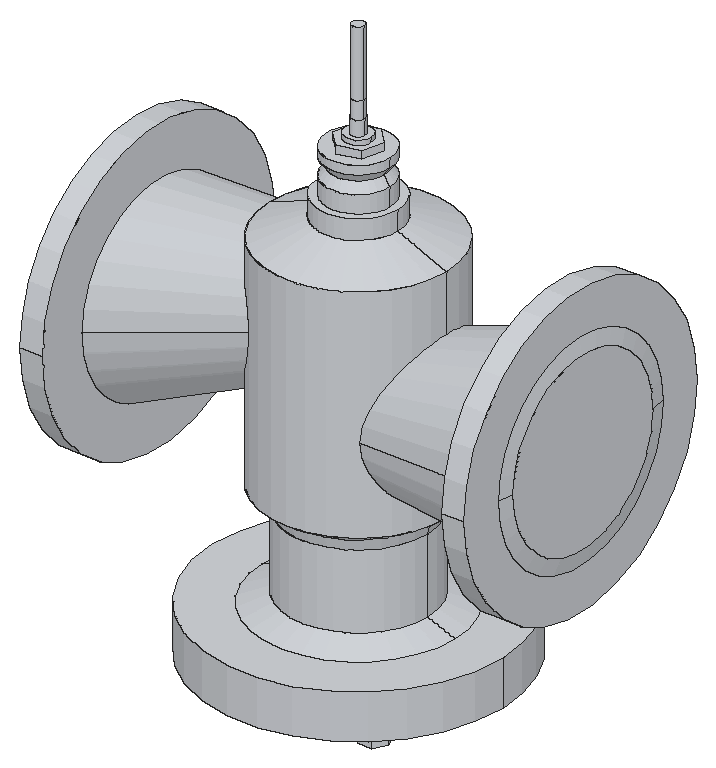
Revit family "2FGB-B_PN16_DN080_RFA_2019", category Pipe Accessories, Revit 2019
Family settings
  Round Connector Dimension = Use Diameter
  Part Type = Valve - Breaks Into
  Work Plane-Based = No
  Always vertical = Yes
  Cut with Voids When Loaded = No
  Shared = No
Parameters (values of type "2FGB-B PN16 DN080")
  magiProductId = ""
  magiProductFamilyId = ""
  magiPartTypeId = 306
  isMeasuringValve [instance] = no
  ang2D [instance] = 0.00°
  Z9 = 4.2 mm
  Z8 = 5.7 mm
  Z7 = 3 mm
  Z6 = 6 mm
  Z5 = 6 mm
  Z4 = 12 mm
  Z3 = 151.95 mm
  Z19 = 9.9 mm
  Z15 = 36.75 mm
  Z14__ve = -Z14  # -13.125 mm
  Z14 = 13.125 mm
  Z13 = 7.32 mm
  Z12 = 51.24 mm
  Z10 = 5.1 mm
  X4 = 30.6 mm
  X2__ve = -X2  # -15.3 mm
  X2 = 15.3 mm
  X1 = 2 mm
  W2D = 80 mm
  VersionID = ""
  Use Minimum Symbol Size [instance] = yes
  URL = "www.hydronix.cz"
  Type Comments = "Přírubový; EQM charakteristika; PN16; -10~+150°C; tlakově vyvážená kuželka"
  R9 = 4 mm
  R7 = 8.923 mm
  R6 = 14.872 mm
  R5 = 17.626 mm
  R4 = 22.032 mm
  R3 = 27.54 mm
  R2 = 49.875 mm
  R13 = 47.88 mm
  R12 = 4.685 mm
  R1 = 39.9 mm
  QmdConnectorList = "301;D;302;D"
  Productdata [instance] = "2FGB80B (DN80; PN16; kvs100; tlakově vyvážená kuželka)"
  Manufacturer = "Hydronix"
  Maintenance Zone Under Depth [instance] = 207 mm
  Maintenance Zone Right Depth [instance] = 175 mm
  Maintenance Zone Over Depth [instance] = 221 mm
  Maintenance Zone Left Depth [instance] = 175 mm
  Maintenance Zone Front Depth [instance] = 110 mm
  Maintenance Zone Back Depth [instance] = 110 mm
  Maintenance Zone Front Visibility [instance] = no
  LT2 = 155 mm
  L2D_Min = 3048 mm
  L2D = 310 mm
  HCDT2 = 66.5 mm
  H4 = 187 mm
  H3 = 105 mm
  H2 = 45 mm
  FDT2 = 100 mm
  Description = "2 cestný regulační ventil přírubový; DN80; PN16; kvs100; zdvih 45mm"
  D4 = 60.35 mm
  D3 = 71 mm
  D2 = 61.2 mm
  D = 80 mm
  CenSd_R6_6 = R6 * cos(30.00°)  # 12.879 mm
  CenSd_A_6 = A * cos(30.00°)  # 8.66 mm
  Clearance Zone Height Depth [instance] = 221 mm
  CZONC [instance] = 175 mm
  Clearance Zone Visibility [instance] = no
  B1 = 56.569 mm
  A = 10 mm
Types (5, lengths in mm): name | Z9 | Z8 | Z6 | Z5 | Z4 | Z3 | Z19 | Z15 | Z14__ve | Z14 | Z13 | Z12 | Z10 | X4 | X2__ve | X2 | W2D | R7 | R6 | R5 | R4 | R3 | R2 | R13 | R12 | R1 | Productdata | LT2 | L2D | HCDT2 | H4 | H3 | H2 | FDT2 | Description | D4 | D3 | D2 | D | CenSd_R6_6 | CenSd_A_6 | B1 | A
  2FGB-B PN16 DN100 | 4.165 | 5.602 | 5.95 | 5.95 | 11.9 | 168.575 | 9.767 | 40.775 | -14.562 | 14.562 | 8.12 | 56.84 | 5.082 | 34.6 | -17.3 | 17.3 | 100 | 10.089 | 16.816 | 19.93 | 24.912 | 31.14 | 57.375 | 55.08 | 5.297 | 45.9 | "2FGB100B (DN100; PN16; kvs130; tlakově vyvážená kuželka)" | 175 | 350 | 76.5 | 207 | 116.5 | 45 | 110 | "2 cestný regulační ventil přírubový; DN100; PN16; kvs130; zdvih 45mm" | 68.85 | 81 | 69.2 | 100 | 14.563 | 9.526 | 63.64 | 11
  2FGB-B PN16 DN080 | 4.2 | 5.7 | 6 | 6 | 12 | 151.95 | 9.9 | 36.75 | -13.125 | 13.125 | 7.32 | 51.24 | 5.1 | 30.6 | -15.3 | 15.3 | 80 | 8.923 | 14.872 | 17.626 | 22.032 | 27.54 | 49.875 | 47.88 | 4.685 | 39.9 | "2FGB80B (DN80; PN16; kvs100; tlakově vyvážená kuželka)" | 155 | 310 | 66.5 | 187 | 105 | 45 | 100 | "2 cestný regulační ventil přírubový; DN80; PN16; kvs100; zdvih 45mm" | 60.35 | 71 | 61.2 | 80 | 12.879 | 8.66 | 56.569 | 10
  2FGB-B PN16 DN065 | 4.2 | 5.7 | 6 | 6 | 12 | 139.45 | 9.9 | 33.25 | -11.875 | 11.875 | 6.82 | 47.74 | 5.1 | 28.6 | -14.3 | 14.3 | 65 | 8.34 | 13.9 | 16.474 | 20.592 | 25.74 | 44.25 | 42.48 | 4.378 | 35.4 | "2FGB65B (DN65; PN16; kvs63; tlakově vyvážená kuželka)" | 145 | 290 | 59 | 175 | 95 | 25 | 92.5 | "2 cestný regulační ventil přírubový; DN65; PN16; kvs63; zdvih 25mm" | 53.975 | 63.5 | 57.2 | 65 | 12.037 | 8.011 | 51.265 | 9.25
  2FGB-B PN16 DN150 | 4.2 | 5.7 | 6 | 6 | 12 | 227.45 | 9.9 | 54.95 | -19.625 | 19.625 | 10.97 | 76.79 | 5.1 | 47.6 | -23.8 | 23.8 | 150 | 13.88 | 23.134 | 27.418 | 34.272 | 42.84 | 77.625 | 74.52 | 7.287 | 62.1 | "2FGB150B (DN150; PN16; kvs300; tlakově vyvážená kuželka)" | 240 | 480 | 103.5 | 277 | 157 | 45 | 142.5 | "2 cestný regulační ventil přírubový; DN150; PN16; kvs300; zdvih 45mm" | 92.65 | 109 | 95.2 | 150 | 20.034 | 12.341 | 84.853 | 14.25
  2FGB-B PN16 DN125 | 4.2 | 5.7 | 6 | 6 | 12 | 196.45 | 9.9 | 48.65 | -17.375 | 17.375 | 9.22 | 64.54 | 5.1 | 39.6 | -19.8 | 19.8 | 125 | 11.547 | 19.246 | 22.81 | 28.512 | 35.64 | 68.625 | 65.88 | 6.062 | 54.9 | "2FGB125B (DN125; PN16; kvs200; tlakově vyvážená kuželka)" | 200 | 400 | 91.5 | 234 | 139 | 45 | 125 | "2 cestný regulační ventil přírubový; DN125; PN16; kvs200; zdvih 45mm" | 81.6 | 96 | 79.2 | 125 | 16.667 | 10.825 | 74.246 | 12.5
Reference planes
  plane 1 "Center (Front/Back)": y = 0
  plane 2 "XYPLANE": z = 0
  plane 3 "Center (Left/Right)": x = 0
  plane 4 "234": y = -56.569
  plane 5 "233": x = 56.569
  plane 6 "232": x = -56.569
  plane 7 "231": y = 56.569
  plane 8 "225": z = -177
  plane 9 "223": z = 221
  plane 10 "221": x = -175
  plane 11 "220": x = 175
  plane 12 "219": y = -110
  plane 13 "218": y = 110
  plane 14 "196": z = -207
  plane 15 "182": z = 165
  plane 16 "161": z = 153
  plane 17 "158": z = 147.3
  plane 18 "150": z = 143.1
  plane 19 "148": z = 140.1
  plane 20 "142": z = 135
  plane 21 "136": z = 129
  plane 22 "135": z = 123
  plane 23 "131": z = 117
  plane 24 "78": z = 78.75
  plane 25 "77": z = 91.875
  plane 26 "74": z = 105
  plane 27 "70": z = -73.2
  plane 28 "65": z = -80.52
  plane 29 "64": z = -87.84
  plane 30 "58": z = -139.08
  plane 31 "57": z = -146.4
  plane 32 "46": z = -187
  plane 33 "28": x = 137.7
  plane 34 "27": x = 153
  plane 35 "21": z = -20
  plane 36 "16": z = 36.75
  plane 37 "13": x = -137.7
  plane 38 "7": x = -153
  plane 39 "6": x = 155
  plane 40 "5": x = -155
  plane 41 "3": y = 0
  plane 42 "2": z = 0
  plane 43 "1": x = 0
Forms (mm)
  Extrusion 1, solid
    sketch origin (-750, 0, -187) x (1, 0, 0) y (0, 1, 0)
      loop
        line (816.569, -56.569) -> (811.569, -47.908) -> (801.569, -47.908) -> (796.569, -56.569) -> (801.569, -65.229) -> (811.569, -65.229) -> (816.569, -56.569)
    from 0 to 10
  Extrusion 2, solid
    sketch origin (-750, 0, -187) x (1, 0, 0) y (0, 1, 0)
      loop
        line (703.431, -56.569) -> (698.431, -47.908) -> (688.431, -47.908) -> (683.431, -56.569) -> (688.431, -65.229) -> (698.431, -65.229) -> (703.431, -56.569)
    from 0 to 10
  Extrusion 3, solid
    sketch origin (-750, 0, -187) x (1, 0, 0) y (0, 1, 0)
      loop
        line (816.569, 56.569) -> (811.569, 65.229) -> (801.569, 65.229) -> (796.569, 56.569) -> (801.569, 47.908) -> (811.569, 47.908) -> (816.569, 56.569)
    from 0 to 10
  Extrusion 4, solid
    sketch origin (-750, 0, -187) x (1, 0, 0) y (0, 1, 0)
      loop
        line (703.431, 56.569) -> (698.431, 65.229) -> (688.431, 65.229) -> (683.431, 56.569) -> (688.431, 47.908) -> (698.431, 47.908) -> (703.431, 56.569)
    from 0 to 10
  Blend 5, solid, visible <- "Maintenance Zone Front Visibility"
    base sketch origin (-750, 0, 221) x (1, 0, 0) y (0, 1, 0)
      loop
        line (575, 110) -> (575, -110) -> (925, -110) -> (925, 110) -> (575, 110)
    top sketch origin (-750, 0, 221) x (1, 0, 0) y (0, 1, 0)
      loop
        line (575, 110) -> (575, -110) -> (925, -110) -> (925, 110) -> (575, 110)
    from 0 to -428
  Extrusion 6, solid, visible <- "Clearance Zone Visibility"
    sketch origin (-750, 0, 0) x (1, 0, 0) y (0, 1, 0)
      loop
        circle (750, 0) r 175
    from 0 to 221 <- "Clearance Zone Height Depth"
  Extrusion 7, solid
    sketch origin (-750, 0, 143.1) x (1, 0, 0) y (0, 1, 0)
      loop
        circle (750, 0) r 4.685
    from 0 to 9.9 <- "Z19"
  Extrusion 8, solid
    sketch origin (-750, 0, 165) x (1, 0, 0) y (0, 1, 0)
      loop
        circle (750, 0) r 4
    from 0 to 45 <- "H2"
  Extrusion 9, solid
    sketch origin (-750, 0, 153) x (1, 0, 0) y (0, 1, 0)
      loop
        circle (750, 0) r 4
    from 0 to 12 <- "Z4"
  Extrusion 10, solid
    sketch origin (-750, 0, 140.1) x (1, 0, 0) y (0, 1, 0)
      loop
        circle (750, 0) r 8.923
    from 0 to 3 <- "Z7"
  Extrusion 11, solid
    sketch origin (-750, 0, 135) x (1, 0, 0) y (0, 1, 0)
      loop
        line (760.516, -10.516) -> (764.365, 3.849) -> (753.849, 14.365) -> (739.484, 10.516) -> (735.635, -3.849) -> (746.151, -14.365) -> (760.516, -10.516)
    from 0 to 5.1 <- "Z10"
  Extrusion 12, solid
    sketch origin (-750, 0, 129) x (1, 0, 0) y (0, 1, 0)
      loop
        circle (750, 0) r 22.032
    from 0 to 6 <- "Z6"
  Blend 13, solid
    base sketch origin (-750, 0, 123) x (1, 0, 0) y (0, 1, 0)
      loop
        circle (750, 0) r 17.626
    top sketch origin (-750, 0, 123) x (1, 0, 0) y (0, 1, 0)
      loop
        circle (750, 0) r 22.032
    from 0 to 6
  Blend 14, solid
    base sketch origin (-750, 0, 117) x (1, 0, 0) y (0, 1, 0)
      loop
        circle (750, 0) r 22.032
    top sketch origin (-750, 0, 117) x (1, 0, 0) y (0, 1, 0)
      loop
        circle (750, 0) r 17.626
    from 0 to 6
  Extrusion 15, solid
    sketch origin (-750, 0, 105) x (1, 0, 0) y (0, 1, 0)
      loop
        circle (750, 0) r 22.032
    from 0 to 12 <- "Z4"
  Extrusion 16, solid
    sketch origin (-750, 0, 105) x (1, 0, 0) y (0, 1, 0)
      loop
        circle (750, 0) r 27.54
    from 0 to -13.125 <- "Z14__ve"
  Blend 17, solid
    base sketch origin (-750, 0, 78.75) x (1, 0, 0) y (0, 1, 0)
      loop
        circle (750, 0) r 61.2
    top sketch origin (-750, 0, 78.75) x (1, 0, 0) y (0, 1, 0)
      loop
        circle (750, 0) r 27.54
    from 0 to 13.125
  Blend 18, solid
    base sketch origin (-750, 0, -80.52) x (1, 0, 0) y (0, 1, 0)
      loop
        circle (750, 0) r 49.875
    top sketch origin (-750, 0, -80.52) x (1, 0, 0) y (0, 1, 0)
      loop
        circle (750, 0) r 61.2
    from 0 to 7.32
  Blend 19, solid
    base sketch origin (-750, 0, -87.84) x (1, 0, 0) y (0, 1, 0)
      loop
        circle (750, 0) r 47.88
    top sketch origin (-750, 0, -87.84) x (1, 0, 0) y (0, 1, 0)
      loop
        circle (750, 0) r 49.875
    from 0 to 7.32
  Extrusion 20, solid
    sketch origin (-750, 0, -139.08) x (1, 0, 0) y (0, 1, 0)
      loop
        circle (750, 0) r 47.88
    from 0 to 51.24 <- "Z12"
  Blend 21, solid
    base sketch origin (-750, 0, -146.4) x (1, 0, 0) y (0, 1, 0)
      loop
        circle (750, 0) r 66.5
    top sketch origin (-750, 0, -146.4) x (1, 0, 0) y (0, 1, 0)
      loop
        circle (750, 0) r 47.88
    from 0 to 7.32
  Extrusion 22, solid
    sketch origin (-750, 0, -177) x (1, 0, 0) y (0, 1, 0)
      loop
        circle (750, 0) r 100
    from 0 to 30.6 <- "X4"
  Blend 23, solid
    base sketch origin (153, -750, 0) x (0, 1, 0) y (0, 0, 1)
      loop
        circle (750, 0) r 71
    top sketch origin (153, -750, 0) x (0, 1, 0) y (0, 0, 1)
      loop
        circle (750, 0) r 60.35
    from 0 to 2
  Blend 24, solid
    base sketch origin (-155, -750, 0) x (0, 1, 0) y (0, 0, 1)
      loop
        circle (750, 0) r 60.35
    top sketch origin (-155, -750, 0) x (0, 1, 0) y (0, 0, 1)
      loop
        circle (750, 0) r 71
    from 0 to 2
  Extrusion 25, solid
    sketch origin (153, -750, 0) x (0, 1, 0) y (0, 0, 1)
      loop
        circle (750, 0) r 100
    from 0 to -15.3 <- "X2__ve"
  Blend 26, solid
    base sketch origin (0, -750, 0) x (0, 1, 0) y (0, 0, 1)
      loop
        circle (750, -20) r 39.9
    top sketch origin (0, -750, 0) x (0, 1, 0) y (0, 0, 1)
      loop
        circle (750, 0) r 66.5
    from 0 to 137.7
  Extrusion 27, solid
    sketch origin (-750, 0, -73.2) x (1, 0, 0) y (0, 1, 0)
      loop
        circle (750, 0) r 61.2
    from 0 to 151.95 <- "Z3"
  Blend 28, solid
    base sketch origin (-137.7, -750, 0) x (0, 1, 0) y (0, 0, 1)
      loop
        circle (750, 0) r 66.5
    top sketch origin (-137.7, -750, 0) x (0, 1, 0) y (0, 0, 1)
      loop
        circle (750, 36.75) r 39.9
    from 0 to 137.7
  Extrusion 29, solid
    sketch origin (-153, -750, 0) x (0, 1, 0) y (0, 0, 1)
      loop
        circle (750, 0) r 100
    from 0 to 15.3 <- "X2"
  Extrusion 30, solid, not visible
    sketch origin (155, -750, 0) x (0, 1, 0) y (0, 0, 1)
      loop
        circle (750, 0) r 10
    from 0 to -10
  Extrusion 31, solid, not visible
    sketch origin (-155, -750, 0) x (0, 1, 0) y (0, 0, 1)
      loop
        circle (750, 0) r 10
    from 0 to 10
Lines and regions (mm)
  reference lines, not visible
    curve 1: circle (2, 2, 0) r 1 normal (0, 0, 1)
  reference lines
    curve 2: line (56.569, -56.569, -187) -> (53.819, -51.805, -187)
    curve 3: line (56.569, -56.569, -187) -> (51.069, -56.569, -187)
    curve 4: line (56.569, -56.569, -187) -> (53.819, -61.332, -187)
    curve 5: line (-56.569, -56.569, -187) -> (-59.319, -51.805, -187)
    curve 6: line (-56.569, -56.569, -187) -> (-62.069, -56.569, -187)
    curve 7: line (-56.569, -56.569, -187) -> (-59.319, -61.332, -187)
    curve 8: line (56.569, 56.569, -187) -> (53.819, 61.332, -187)
    curve 9: line (56.569, 56.569, -187) -> (51.069, 56.569, -187)
    curve 10: line (56.569, 56.569, -187) -> (53.819, 51.805, -187)
    curve 11: line (-56.569, 56.569, -187) -> (-59.319, 61.332, -187)
    curve 12: line (-56.569, 56.569, -187) -> (-62.069, 56.569, -187)
    curve 13: line (-56.569, 56.569, -187) -> (-59.319, 51.805, -187)
    curve 14: line (0, 0, 135) -> (2.176, 8.121, 135)
    curve 15: line (0, 0, 135) -> (-5.945, 5.945, 135)
    curve 16: line (0, 0, 135) -> (-8.121, -2.176, 135)
Dimensions and locks
  plane 1 "Center (Front/Back)" to curve 1 = 2 mm
  "B1": plane 1 "Center (Front/Back)" to plane 4 "234"
  "B1": plane 3 "Center (Left/Right)" to plane 5 "233"
  "B1": plane 3 "Center (Left/Right)" to plane 6 "232"
  "B1": plane 1 "Center (Front/Back)" to plane 7 "231"
  locked: plane 32 "46" to plane 8 "225" at 10
  "Maintenance Zone Over Depth": plane 2 "XYPLANE" to plane 9 "223"
  "Maintenance Zone Left Depth": plane 3 "Center (Left/Right)" to plane 10 "221"
  "Maintenance Zone Right Depth": plane 3 "Center (Left/Right)" to plane 11 "220"
  "Maintenance Zone Front Depth": plane 1 "Center (Front/Back)" to plane 12 "219"
  "Maintenance Zone Back Depth": plane 1 "Center (Front/Back)" to plane 13 "218"
  "Maintenance Zone Under Depth": plane 2 "XYPLANE" to plane 14 "196"
  "Z4": plane 16 "161" to plane 15 "182"
  "Z8": plane 17 "158" to plane 16 "161"
  "Z9": plane 18 "150" to plane 17 "158"
  "Z7": plane 19 "148" to plane 18 "150"
  "Z10": plane 20 "142" to plane 19 "148"
  "Z6": plane 21 "136" to plane 20 "142"
  "Z5": plane 22 "135" to plane 21 "136"
  "Z5": plane 23 "131" to plane 22 "135"
  "Z4": plane 26 "74" to plane 23 "131"
  "Z14": plane 25 "77" to plane 24 "78"
  "Z14": plane 26 "74" to plane 25 "77"
  "H3": plane 2 "XYPLANE" to plane 26 "74"
  "Z13": plane 28 "65" to plane 27 "70"
  "Z13": plane 29 "64" to plane 28 "65"
  "Z12": plane 30 "58" to plane 29 "64"
  "Z13": plane 31 "57" to plane 30 "58"
  "X4": plane 8 "225" to plane 31 "57"
  "H4": plane 2 "XYPLANE" to plane 32 "46"
  "X2": plane 34 "27" to plane 33 "28"
  "X1": plane 39 "6" to plane 34 "27"
  locked: plane 42 "2" to plane 35 "21" at 20
  "Z15": plane 42 "2" to plane 36 "16"
  "X2": plane 38 "7" to plane 37 "13"
  "X1": plane 40 "5" to plane 38 "7"
  "LT2": plane 3 "Center (Left/Right)" to plane 39 "6"
  "LT2": plane 3 "Center (Left/Right)" to plane 40 "5"
  locked: plane 1 "Center (Front/Back)" to plane 41 "3"
  locked: plane 2 "XYPLANE" to plane 42 "2"
  locked: plane 3 "Center (Left/Right)" to plane 43 "1"
  "CenSd_A_6": curve 2 to Extrusion 1 sketch curve  (x2)
  "CenSd_A_6": curve 3 to Extrusion 1 sketch curve  (x2)
  "CenSd_A_6": curve 4 to Extrusion 1 sketch curve  (x2)
  "CenSd_A_6": curve 5 to Extrusion 2 sketch curve  (x2)
  "CenSd_A_6": curve 6 to Extrusion 2 sketch curve  (x2)
  "CenSd_A_6": curve 7 to Extrusion 2 sketch curve  (x2)
  "CenSd_A_6": curve 8 to Extrusion 3 sketch curve  (x2)
  "CenSd_A_6": curve 9 to Extrusion 3 sketch curve  (x2)
  "CenSd_A_6": curve 10 to Extrusion 3 sketch curve  (x2)
  "CenSd_A_6": curve 11 to Extrusion 4 sketch curve  (x2)
  "CenSd_A_6": curve 12 to Extrusion 4 sketch curve  (x2)
  "CenSd_A_6": curve 13 to Extrusion 4 sketch curve  (x2)
  "CenSd_R6_6": curve 14 to Extrusion 11 sketch curve  (x2)
  "CenSd_R6_6": curve 15 to Extrusion 11 sketch curve  (x2)
  "CenSd_R6_6": curve 16 to Extrusion 11 sketch curve  (x2)
  "CZONC": radius of Extrusion 6 sketch curve
  "R12": radius of Extrusion 7 sketch curve
  "R9": radius of Extrusion 8 sketch curve
  "R9": radius of Extrusion 9 sketch curve
  "R7": radius of Extrusion 10 sketch curve
  "R4": radius of Extrusion 12 sketch curve
  "R4": radius of Blend 13 sketch curve
  "R5": radius of Blend 13 sketch curve
  "R5": radius of Blend 14 sketch curve
  "R4": radius of Blend 14 sketch curve
  "R4": radius of Extrusion 15 sketch curve
  "R3": radius of Extrusion 16 sketch curve
  "R3": radius of Blend 17 sketch curve
  "D2": radius of Blend 17 sketch curve
  "D2": radius of Blend 18 sketch curve
  "R2": radius of Blend 18 sketch curve
  "R2": radius of Blend 19 sketch curve
  "R13": radius of Blend 19 sketch curve
  "R13": radius of Extrusion 20 sketch curve
  "R13": radius of Blend 21 sketch curve
  "HCDT2": radius of Blend 21 sketch curve
  "FDT2": radius of Extrusion 22 sketch curve
  "D4": radius of Blend 23 sketch curve
  "D3": radius of Blend 23 sketch curve
  "D3": radius of Blend 24 sketch curve
  "D4": radius of Blend 24 sketch curve
  "FDT2": radius of Extrusion 25 sketch curve
  "HCDT2": radius of Blend 26 sketch curve
  "R1": radius of Blend 26 sketch curve
  "D2": radius of Extrusion 27 sketch curve
  "R1": radius of Blend 28 sketch curve
  "HCDT2": radius of Blend 28 sketch curve
  "FDT2": radius of Extrusion 29 sketch curve
  locked: curve 3 to curve 2 (angle 60.00°)
  locked: curve 4 to curve 3 (angle 60.00°)
  locked: curve 4 to curve 2 (angle 120.00°)
  locked: curve 6 to curve 5 (angle 60.00°)
  locked: curve 7 to curve 6 (angle 60.00°)
  locked: curve 7 to curve 5 (angle 120.00°)
  locked: curve 9 to curve 8 (angle 60.00°)
  locked: curve 10 to curve 9 (angle 60.00°)
  locked: curve 10 to curve 8 (angle 120.00°)
  locked: curve 12 to curve 11 (angle 60.00°)
  locked: curve 13 to curve 12 (angle 60.00°)
  locked: curve 13 to curve 11 (angle 120.00°)
  locked: curve 15 to curve 14 (angle 60.00°)
  locked: curve 16 to curve 15 (angle 60.00°)
  locked: curve 16 to curve 14 (angle 120.00°)
  aligned and locked: level to plane 2 "XYPLANE"
  aligned and locked: plane 4 "234" to curve 2
  aligned and locked: plane 5 "233" to curve 2
  aligned and locked: plane 4 "234" to curve 5
  aligned and locked: plane 6 "232" to curve 5
  aligned and locked: plane 5 "233" to curve 8
  aligned and locked: plane 7 "231" to curve 8
  aligned and locked: plane 6 "232" to curve 11
  aligned and locked: plane 7 "231" to curve 11
  aligned and locked: plane 13 "218" to Blend 5 sketch curve  (x4)
  aligned and locked: plane 12 "219" to Blend 5 sketch curve  (x4)
  aligned and locked: plane 10 "221" to Blend 5 sketch curve  (x4)
  aligned and locked: plane 11 "220" to Blend 5 sketch curve  (x4)
  aligned and locked: Blend 5 to plane 14 "196"
  aligned and locked: plane 41 "3" to Extrusion 6 sketch curve
  aligned and locked: plane 43 "1" to Extrusion 6 sketch curve
  aligned and locked: plane 41 "3" to Extrusion 7 sketch curve
  aligned and locked: plane 43 "1" to Extrusion 7 sketch curve
  aligned and locked: plane 41 "3" to Extrusion 8 sketch curve
  aligned and locked: plane 43 "1" to Extrusion 8 sketch curve
  aligned and locked: plane 41 "3" to Extrusion 9 sketch curve
  aligned and locked: plane 43 "1" to Extrusion 9 sketch curve
  aligned and locked: plane 41 "3" to Extrusion 10 sketch curve
  aligned and locked: plane 43 "1" to Extrusion 10 sketch curve
  aligned and locked: plane 41 "3" to curve 14
  aligned and locked: plane 43 "1" to curve 14
  aligned and locked: plane 41 "3" to Extrusion 12 sketch curve
  aligned and locked: plane 43 "1" to Extrusion 12 sketch curve
  aligned and locked: plane 41 "3" to Blend 13 sketch curve  (x2)
  aligned and locked: plane 43 "1" to Blend 13 sketch curve  (x2)
  aligned and locked: plane 21 "136" to Blend 13
  aligned and locked: plane 41 "3" to Blend 14 sketch curve  (x2)
  aligned and locked: plane 43 "1" to Blend 14 sketch curve  (x2)
  aligned and locked: plane 22 "135" to Blend 14
  aligned and locked: plane 41 "3" to Extrusion 15 sketch curve
  aligned and locked: plane 43 "1" to Extrusion 15 sketch curve
  aligned and locked: plane 41 "3" to Extrusion 16 sketch curve
  aligned and locked: plane 43 "1" to Extrusion 16 sketch curve
  aligned and locked: plane 41 "3" to Blend 17 sketch curve  (x2)
  aligned and locked: plane 43 "1" to Blend 17 sketch curve  (x2)
  aligned and locked: plane 25 "77" to Blend 17
  aligned and locked: plane 41 "3" to Blend 18 sketch curve  (x2)
  aligned and locked: plane 43 "1" to Blend 18 sketch curve  (x2)
  aligned and locked: plane 27 "70" to Blend 18
  aligned and locked: plane 41 "3" to Blend 19 sketch curve  (x2)
  aligned and locked: plane 43 "1" to Blend 19 sketch curve  (x2)
  aligned and locked: plane 28 "65" to Blend 19
  aligned and locked: plane 41 "3" to Extrusion 20 sketch curve
  aligned and locked: plane 43 "1" to Extrusion 20 sketch curve
  aligned and locked: plane 41 "3" to Blend 21 sketch curve  (x2)
  aligned and locked: plane 43 "1" to Blend 21 sketch curve  (x2)
  aligned and locked: plane 30 "58" to Blend 21
  aligned and locked: plane 41 "3" to Extrusion 22 sketch curve
  aligned and locked: plane 43 "1" to Extrusion 22 sketch curve
  aligned and locked: Blend 23 sketch curve to plane 41 "3"  (x2)
  aligned and locked: plane 42 "2" to Blend 23 sketch curve  (x2)
  aligned and locked: plane 39 "6" to Blend 23
  aligned and locked: Blend 24 sketch curve to plane 41 "3"  (x2)
  aligned and locked: plane 42 "2" to Blend 24 sketch curve  (x2)
  aligned and locked: plane 38 "7" to Blend 24
  aligned and locked: Extrusion 25 sketch curve to plane 41 "3"
  aligned and locked: plane 42 "2" to Extrusion 25 sketch curve
  aligned and locked: Blend 26 sketch curve to plane 41 "3"  (x2)
  aligned and locked: plane 42 "2" to Blend 26 sketch curve
  aligned and locked: plane 35 "21" to Blend 26 sketch curve
  aligned and locked: plane 33 "28" to Blend 26
  aligned and locked: plane 41 "3" to Extrusion 27 sketch curve
  aligned and locked: plane 43 "1" to Extrusion 27 sketch curve
  aligned and locked: plane 36 "16" to Blend 28 sketch curve
  aligned and locked: plane 41 "3" to Blend 28 sketch curve
  aligned and locked: Blend 28 sketch curve to plane 41 "3"
  aligned and locked: plane 42 "2" to Blend 28 sketch curve
  aligned and locked: plane 43 "1" to Blend 28
  aligned and locked: Extrusion 29 sketch curve to plane 41 "3"
  aligned and locked: plane 42 "2" to Extrusion 29 sketch curve
  aligned and locked: Extrusion 30 sketch curve to plane 41 "3"
  aligned and locked: plane 42 "2" to Extrusion 30 sketch curve
  aligned and locked: Extrusion 31 sketch curve to plane 41 "3"
  aligned and locked: plane 42 "2" to Extrusion 31 sketch curve
Automatic sketch dimensions
  plane 1 "Center (Front/Back)" to curve 16 = 2.176 mm
  plane 1 "Center (Front/Back)" to Extrusion 30 sketch curve = 10 mm
  plane 1 "Center (Front/Back)" to Extrusion 31 sketch curve = 10 mm
  plane 3 "Center (Left/Right)" to curve 1 = 2 mm
  radius of curve 1 = 1 mm
Connectors
  piping at (-155, 0, 0), diameter 80, driven by "D"
    settings: on Extrusion 31, index 1, connector inside diameter 609.6 mm, connector length 0 mm, flow factor 0, pipe flow 0.0 L/s, pressure drop 0.0 Pa, fitting loss kfactor 0, connector angle 0.00°, fixture units 0, engagement length 0 mm, angle of deflection 0.00°, flow configuration 0, flow direction 0, fitting loss method 0, system type 29, joint type 0, gender type 0, connector reference index 2, connector utility 0, adjustable connector no, is connector primary yes, connector description ""
  piping at (155, 0, 0), diameter 80, driven by "D"
    settings: on Extrusion 30, index 2, connector inside diameter 609.6 mm, connector length 0 mm, flow factor 0, pipe flow 0.0 L/s, pressure drop 0.0 Pa, fitting loss kfactor 0, connector angle 0.00°, fixture units 0, engagement length 0 mm, angle of deflection 0.00°, flow configuration 0, flow direction 0, fitting loss method 0, system type 29, joint type 0, gender type 0, connector reference index 1, connector utility 0, adjustable connector no, is connector primary no, connector description ""
